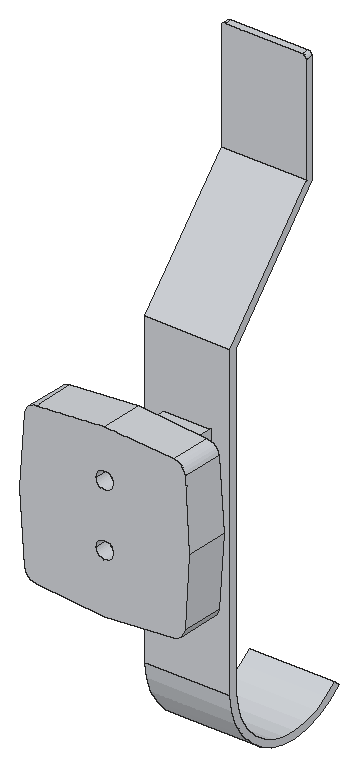
Revit family "AX8208_0011", category Appareils sanitaires, Revit 2016
Family settings
  Hôte = Mur
  Type d'élément = Normal
  Cote de connecteur circulaire = Utiliser le diamètre
  Numéro OmniClass = 23.75.00.00
  Titre OmniClass = Climate Control (HVAC)
  Toujours verticalement = Oui
  Couper avec des vides une fois chargée = Non
  Partagée = Non
  Point de calcul de pièce = Non
Parameters (values of type "Type 1")
  URL = "https://www.axeuro.com/fr/fixations-invisibles/15275-double-patere-verticale-ax8208-3700926003501.html"
  Type de produit / Type of product = "Patère / Hook"  # constant formula
  Référence / Reference = "AX8208, AX8208P"  # constant formula
  Model = ""
  Manufacturer = ""
  Entreprise / Company = "Axeuro"  # constant formula
  Description = ""
Reference planes
  plane 1 "Mur": y = 0
  plane 2 "Centre (gauche/droite)": x = 0
  plane 3 "Arrière": y = 75
Forms (mm)
  Sweep 1, solid
    path origin (0, -600, -22.992) x (0, 1, 0) y (0, 0, 1)
      loop
        line (734.563, 1765.835) -> (706.282, 1733.184) -> (706.282, 1642.374)
        arc (706.282, 1642.374) -> (720.787, 1623.041) -> (744.308, 1628.606) r 22.061
    profile origin (0, 120.422, 1726.517) x (0, 0.755887, -0.654702) y (1, 0, 0)
      loop
        line (-1, 12.5) -> (-1, -12.5) -> (1, -12.5) -> (1, 12.5) -> (-1, 12.5)
  Extrusion 2, solid
    sketch origin (-45.719, -23.357, -72.4) x (1, 0, 0) y (0, 1, 0)
      loop
        line (52.469, 110.632) -> (52.469, 128.632) -> (38.969, 128.632) -> (38.969, 110.632) -> (52.469, 110.632)
    from 1733.178 to 1760
  Extrusion 3, solid
    sketch origin (-1237.173, 75, -140.38) x (1, 0, 0) y (0, 0, 1)
      loop
        arc (1257.307, 1838.115) -> (1247.265, 1839.205) -> (1237.173, 1839.606) r 147.77
        arc (1237.173, 1839.606) -> (1227.08, 1839.205) -> (1217.039, 1838.115) r 147.77
        arc (1217.039, 1838.115) -> (1214.783, 1837.062) -> (1213.5, 1834.928) r 4.26
        arc (1213.5, 1834.928) -> (1212.512, 1824.794) -> (1212.218, 1814.616) r 149.119
        arc (1212.218, 1814.616) -> (1212.512, 1804.438) -> (1213.5, 1794.304) r 149.119
        arc (1213.5, 1794.304) -> (1214.783, 1792.17) -> (1217.039, 1791.118) r 4.26
        arc (1217.039, 1791.118) -> (1227.08, 1790.027) -> (1237.173, 1789.626) r 147.77
        arc (1237.173, 1789.626) -> (1247.265, 1790.027) -> (1257.307, 1791.118) r 147.77
        arc (1257.307, 1791.118) -> (1259.563, 1792.17) -> (1260.846, 1794.304) r 4.26
        arc (1260.846, 1794.304) -> (1261.834, 1804.438) -> (1262.128, 1814.616) r 149.119
        arc (1262.128, 1814.616) -> (1261.834, 1824.794) -> (1260.846, 1834.928) r 149.119
        arc (1260.846, 1834.928) -> (1259.563, 1837.062) -> (1257.307, 1838.115) r 4.26
    from -12.275 to 0
  Extrusion 4, void
    sketch origin (0, 0, -1) x (1, 0, 0) y (0, 0, 1)
      loop
        circle (0, 1686) r 2.6
    from -79.516 to -75
  Extrusion 5, void
    sketch origin (0, 0, -19.3) x (1, 0, 0) y (0, 0, 1)
      loop
        circle (0, 1686) r 2.6
    from -79.516 to -75
  Extrusion 6, solid
    sketch origin (0, 65.285, 0) x (1, 0, 0) y (0, 0, 1)
      loop
        line (12.5, 1742.188) -> (12.5, 1774.572)
        arc (12.5, 1774.572) -> (12.145, 1775.407) -> (11.298, 1775.731) r 1.16
        line (11.298, 1775.731) -> (-11.298, 1775.731)
        arc (-11.298, 1775.731) -> (-12.145, 1775.407) -> (-12.5, 1774.572) r 1.16
        line (-12.5, 1774.572) -> (-12.5, 1742.188) -> (12.5, 1742.188)
    from -70.033 to -68.033
Cuts and joins
  Extrusion 4, Extrusion 5 cuts Extrusion 3
  joined: Sweep 1, Extrusion 6
Text (mm)
  text "Côté de la mise en place" at (-1820.995, 1116.779, 0), in view "Niveau de réf."
  text "Côté de la mise en place" at (0, 1334.055, 2976.191), in view "Gauche"
  text "Côté de la mise en place" at (0, 439.194, 2944.362), in view "Droite"
Dimensions and locks
  locked: plane 3 "Arrière" to host wall
  aligned and locked: plane 1 "Mur" to host wall
